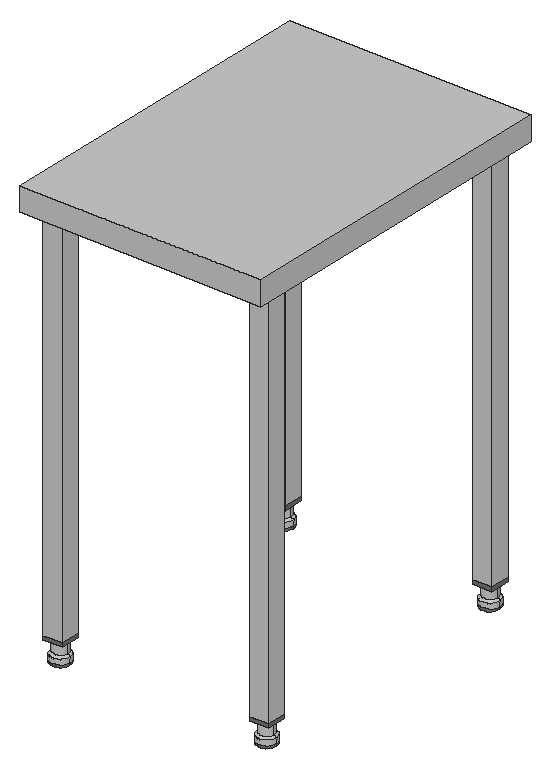
Revit family "QF_ELECTROLUXPROFESSIONAL_133214_TG500MBN", category Attrezzature speciali, Revit 2020
Family settings
  Quota connettore circolare = Usa diametro
  Tipo di parte = Normale
  Basato su piano di lavoro = No
  Sempre verticale = Sì
  Taglio con vuoti quando caricato = No
  Condiviso = No
  Punto di calcolo locali = No
Parameters (values of type "Standard")
  Weight = 18.00 kg
  Watts = 0 W
  Volts = 0 V
  URL Manufacturer = "https://www.electroluxprofessional.com/"
  URL = "https://www.electroluxprofessional.com/"
  Steam Supply Size = 0 mm
  Steam Supply Minimum Pressure = 0.0 Pa
  Steam Supply Maximum Pressure = 0.0 Pa
  Steam Consumption per Hour = 0
  Refrigeration Suction Line Size = 0.0 mm
  Refrigeration Liquid Line Size = 0.0 mm
  Refrigerant Compressor Remote = yes
  Prospetto di default = 0.0 mm
  Produttore = "Electrolux Professional"
  Phase = 0
  Modello = "TG500MBN"
  Length Actual = 500.0 mm  # constant formula
  Item Number = "133214"
  Hot Water Size = 0 mm
  Height Actual = 900.0 mm  # constant formula
  HP = "0 HP"
  Gas Size = 0 mm
  Gas KW = 0
  Gas Input Pressure = 0 W
  Direct Waste Size = 0 mm
  Descrizione = "WORK TABLE 500 MM"
  Depth Actual = 700.0 mm  # constant formula
  Cycle = 0 Hz
  Condensate Return Size = 0 mm
  Compressed Air Volume = 0.0 L/s
  Compressed Air Size = 0 mm
  Compressed Air Pressure = 0.0 Pa
  Cold Water Size = 0 mm
  Accessory = yes
Reference planes
  plane 1 "Center (Front/Back)": y = 0
  plane 2: z = 0
  plane 3 "Center (Left/Right)": x = 250
  plane 4 "LEFT": x = 0
  plane 5 "RIGHT": x = 500
  plane 6 "BACK": y = 350
  plane 7 "FRONT": y = -350
  plane 8 "Base": z = 850
  plane 9 "TOP": z = 900
  plane 10: x = 35.5
  plane 11: x = 464.5
  plane 12: y = 290
  plane 13: y = -290
Forms (mm)
  Extrusion 1, solid, material "QF_Finishes_Stainless Steel"
    sketch origin (250, 0, 0) x (0, 1, 0) y (0, 0, 1)
      loop
        line (-350, 850) -> (350, 850) -> (350, 900) -> (-350, 900) -> (-350, 850)
    from 250 to -250
Lines and regions (mm)
  symbolic lines
    curve 1: line (500, 350, 900) -> (0, 350, 900)
    curve 2: line (0, 350, 900) -> (0, -350, 900)
    curve 3: line (0, -350, 900) -> (500, -350, 900)
    curve 4: line (500, -350, 900) -> (500, 350, 900)
Dimensions and locks
  plane 4 "LEFT" to plane 5 "RIGHT" = 500.0 mm
  equal spacing: plane 4 "LEFT", plane 3 "Center (Left/Right)", plane 5 "RIGHT"
  plane 4 "LEFT" to plane 10 = 35.5 mm
  plane 11 to plane 5 "RIGHT" = 35.5 mm
  plane 10 to plane 11 = 429.0 mm
  locked: plane 9 "TOP" to level at 900
  plane 6 "BACK" to plane 12 = 60.0 mm
  plane 13 to plane 7 "FRONT" = 60.0 mm
  plane 6 "BACK" to plane 7 "FRONT" = 700.0 mm
  plane 12 to plane 13 = 580.0 mm
  equal spacing: plane 6 "BACK", plane 1 "Center (Front/Back)", plane 7 "FRONT"
  locked: plane 8 "Base" to level at 850
  aligned and locked: level to plane 2
  aligned and locked: plane 10 to nested 1
  aligned and locked: nested 1 to plane 13
  aligned and locked: plane 11 to nested 2
  aligned and locked: nested 2 to plane 13
  aligned and locked: plane 11 to nested 4
  aligned and locked: nested 4 to plane 12
  aligned and locked: plane 10 to nested 3
  aligned and locked: nested 3 to plane 12
  aligned and locked: Extrusion 1 to plane 4 "LEFT"
  aligned and locked: plane 5 "RIGHT" to Extrusion 1
  aligned and locked: curve 2 to plane 4 "LEFT"
Automatic sketch dimensions
  Extrusion 1 sketch curve to plane 7 "FRONT" = 0.0 mm
  Extrusion 1 sketch curve to plane 8 "Base" = 0.0 mm
  curve 3 to plane 7 "FRONT" = 0.0 mm
  curve 4 to plane 6 "BACK" = 0.0 mm
  Extrusion 1 sketch curve to plane 9 "TOP" = 0.0 mm
  Extrusion 1 sketch curve to plane 6 "BACK" = 0.0 mm
  curve 4 to plane 5 "RIGHT" = 0.0 mm
Nested families
  nested 1: "FEET_40x40_APP42" at (35.5, -290, 0), type "FEET_40x40_APP42"
  nested 2: "FEET_40x40_APP42" at (464.5, -290, 0), type "FEET_40x40_APP42"
  nested 3: "FEET_40x40_APP42" at (35.5, 290, 0), type "FEET_40x40_APP42"
  nested 4: "FEET_40x40_APP42" at (464.5, 290, 0), type "FEET_40x40_APP42"
Definition of nested family "FEET_40x40_APP42"
  Parameters
    Default Elevation = 0.0 mm
    FEET = 850.0 mm
  Reference planes
    plane 1 "Center (Front/Back)": y = 0
    plane 2: z = 0
    plane 3 "Center (Left/Right)": x = 0
    plane 4: z = 850
  Forms (mm)
    Extrusion 1, solid
      sketch origin (0, 0, 0) x (1, 0, 0) y (0, 1, 0)
        loop
          line (-20, -20) -> (20, -20) -> (20, 20) -> (-20, 20) -> (-20, -20)
      from 50 to 845
    Extrusion 2, solid
      sketch origin (0, 0, 0) x (1, 0, 0) y (0, 1, 0)
        loop
          circle (0, 0) r 20
      from 0 to 5
    Extrusion 3, solid
      sketch origin (0, 0, 0) x (1, 0, 0) y (0, 1, 0)
        loop
          line (30, 30) -> (-30, 30) -> (-30, -30) -> (30, -30) -> (30, 30)
      from 845 to 850
    Extrusion 4, solid
      sketch origin (0, 0, 0) x (1, 0, 0) y (0, 1, 0)
        loop
          line (-20, -20) -> (20, -20) -> (20, 20) -> (-20, 20) -> (-20, -20)
      from 50 to 42
    Revolve 5, solid
      sketch origin (0, 0, 0) x (1, 0, 0) y (0, 0, 1)
        loop
          line (0, 42) -> (-15, 42) -> (-15, 20) -> (-20, 15) -> (-20, 5) -> (0, 5) -> (0, 42)
        axis (0, 42) -> (0, 5)
      angle from 0 to 360
  Lines and regions (mm)
    symbolic lines
      curve 1: line (0, -1.503, 0) -> (0, 1.508, 0)
      curve 2: line (1.561, 0, 0) -> (-1.439, 0, 0)
  Dimensions and locks
    "FEET": plane 4 to plane 2
    aligned and locked: level to plane 2
  Automatic sketch dimensions
    plane 1 "Center (Front/Back)" to curve 2 = 0.0 mm
    curve 1 to plane 3 "Center (Left/Right)" = 0.0 mm
    curve 2 to plane 3 "Center (Left/Right)" = 1.439 mm
    plane 3 "Center (Left/Right)" to curve 2 = 1.561 mm
    plane 1 "Center (Front/Back)" to curve 1 = 1.503 mm
    curve 1 to plane 1 "Center (Front/Back)" = 1.508 mm
    Extrusion 1 sketch curve to plane 3 "Center (Left/Right)" = 20.0 mm
    plane 3 "Center (Left/Right)" to Extrusion 1 sketch curve = 20.0 mm
    plane 1 "Center (Front/Back)" to Extrusion 1 sketch curve = 20.0 mm
    Extrusion 1 sketch curve to plane 1 "Center (Front/Back)" = 20.0 mm
    plane 1 "Center (Front/Back)" to Extrusion 2 sketch curve = 0.0 mm
    Extrusion 2 sketch curve to plane 3 "Center (Left/Right)" = 0.0 mm
    Extrusion 3 sketch curve to plane 3 "Center (Left/Right)" = 30.0 mm
    plane 3 "Center (Left/Right)" to Extrusion 3 sketch curve = 30.0 mm
    plane 1 "Center (Front/Back)" to Extrusion 3 sketch curve = 30.0 mm
    Extrusion 3 sketch curve to plane 1 "Center (Front/Back)" = 30.0 mm
    Extrusion 4 sketch curve to plane 3 "Center (Left/Right)" = 20.0 mm
    plane 3 "Center (Left/Right)" to Extrusion 4 sketch curve = 20.0 mm
    plane 1 "Center (Front/Back)" to Extrusion 4 sketch curve = 20.0 mm
    Extrusion 4 sketch curve to plane 1 "Center (Front/Back)" = 20.0 mm
    Revolve 5 sketch curve to plane 3 "Center (Left/Right)" = 0.0 mm  (x2)
    Revolve 5 sketch curve to plane 3 "Center (Left/Right)" = 15.0 mm
    Revolve 5 sketch curve to Revolve 5 sketch curve = 5.0 mm  (x3)
    level to Revolve 5 sketch curve = 5.0 mm
    Revolve 5 sketch curve to Revolve 5 sketch curve = 10.0 mm
    Revolve 5 sketch curve to Revolve 5 sketch curve = 22.0 mm
    Revolve 5 sketch curve to level = 9.561 mm
    radius of Extrusion 2 sketch curve = 20.0 mm
